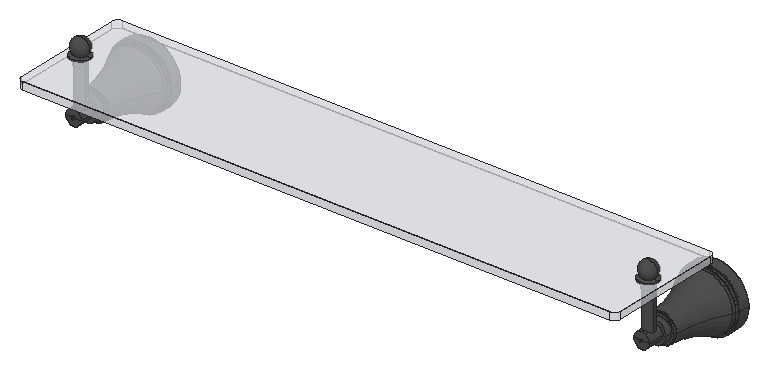
Revit family "Reece_Accessory_Kado_Era_Shower Shelf", category Plumbing Fixtures, host Face, Revit 2018
Family settings
  Host = Face
  Round Connector Dimension = Use Diameter
  Part Type = Normal
  Cut with Voids When Loaded = Yes
  Shared = Yes
  Room Calculation Point = Yes
Parameters (values of type "Matte Black")
  URL = "https://www.reece.com.au/product/-2263722"
  Type Comments = "Accessory"
  Reece_Product_Web Page = "https://www.reece.com.au/product/-2263722"
  Reece_Product_Type = "Accessory"  # constant formula
  Reece_Product_Sub Brand = "Era"  # constant formula
  Reece_Product_Number = "2263722"
  Reece_Product_Mount = "Wall Mounted"
  Reece_Product_Description = "Kado Era Shower Shelf Matte Black"
  Reece_Product_Brand = "Kado"  # constant formula
  Reece_Overall_Width = 506 mm  # constant formula
  Reece_Overall_Projection = 116 mm  # constant formula
  Reece_Overall_Height = 80 mm  # constant formula
  Reece_Material_Secondary = Reece_Safety Glass_Transparent
  Reece_Material_Main = Reece_Brass_Matte Black
  Reece_Height_From_Level [instance] = 1000 mm
  Reece_Fixing_Point_Width = 455 mm  # constant formula
  Reece_Detail_Installation = "Wall Mounted"  # constant formula
  Reece_Detail_Disclaimer = "THIS FILE IS THE PROPERTY OF THE REECE GROUP. IT MAY NOT BE REPRODUCED, REVERSE-ENGINEERED OR MODIFIED. ANY REPUBLICATION, TRANSMISSION OR DISTRIBUTION FOR THE PURPOSE OF COMMERCIALLY EXPLOITING THE FILES IS PROHIBITED."  # constant formula
  Reece_Detail_Additional = "Shower Shelf"  # constant formula
  Model = "Era"
  Manufacturer = "Kado"
  Keynote = "Product #2263722, Reece_Accessory_Kado_Era_Shower Shelf - Matte Black"
  Disclaimer = "THIS FILE IS THE PROPERTY OF THE REECE GROUP. IT MAY NOT BE REPRODUCED, REVERSE-ENGINEERED OR MODIFIED. ANY REPUBLICATION, TRANSMISSION OR DISTRIBUTION FOR THE PURPOSE OF COMMERCIALLY EXPLOITING THE FILES IS PROHIBITED."  # constant formula
  Description = "Kado Era Shower Shelf Matte Black"
  Default Elevation = 0 mm
Types (5, lengths in mm): name | URL | Reece_Product_Web Page | Reece_Product_Number | Reece_Product_Description | Reece_Material_Main | Keynote | Description
  (no name) | "https://www.reece.com.au/product/-9512117" | "https://www.reece.com.au/product/-9512117" | "9512117" | "Kado Era Shower Shelf Brushed Nickel" | Reece_Brass_Brushed Nickel | "Product #9512117, Reece_Accessory_Kado_Era_Shower Shelf -  " | "Kado Era Shower Shelf Brushed Nickel"
  Chrome | "https://www.reece.com.au/product/-9507738" | "https://www.reece.com.au/product/-9507738" | "9507738" | "Kado Era Shower Shelf Chrome" | Reece_Brass_Chrome | "Product #9507738, Reece_Accessory_Kado_Era_Shower Shelf - Chrome" | "Kado Era Shower Shelf Chrome"
  Matte Black | "https://www.reece.com.au/product/-2263722" | "https://www.reece.com.au/product/-2263722" | "2263722" | "Kado Era Shower Shelf Matte Black" | Reece_Brass_Matte Black | "Product #2263722, Reece_Accessory_Kado_Era_Shower Shelf - Matte Black" | "Kado Era Shower Shelf Matte Black"
  Brass Gold | "https://www.reece.com.au/product/-9507737" | "https://www.reece.com.au/product/-9507737" | "9507737" | "Kado Era Shower Shelf Brass Gold" | Reece_Brass_Gold | "Product #9507737, Reece_Accessory_Kado_Era_Shower Shelf - Brass Gold" | "Kado Era Shower Shelf Brass Gold"
  Brushed Nickel | "https://www.reece.com.au/product/-9512117" | "https://www.reece.com.au/product/-9512117" | "9512117" | "Kado Era Shower Shelf Brushed Nickel" | Reece_Brass_Brushed Nickel | "Product #9512117, Reece_Accessory_Kado_Era_Shower Shelf - Brushed Nickel" | "Kado Era Shower Shelf Brushed Nickel"
Reference planes
  plane 1 "Center (Front/Back)": y = 0
  plane 2 "Bottom Host Plane": z = -5
  plane 3 "Center (Left/Right)": x = 0
  plane 4 "Height From Floor": z = 1000
  plane 5 "Top": z = 1054.976
  plane 6: y = -116
  plane 7: x = -227.5
  plane 8: x = 227.5
  plane 9: z = 974.976
  plane 10: x = -239.981
  plane 11: x = 240.019
  plane 12: x = 253
  plane 13: x = -253
Forms (mm)
  Extrusion 1, solid, material "Reece_Safety Glass_Transparent" <- "Reece_Material_Secondary"
    sketch origin (0, 0, 1054.976) x (-1, 0, 0) y (0, -1, 0)
      loop
        line (239.981, 21) -> (239.981, 111)
        arc (239.981, 111) -> (238.517, 114.536) -> (234.981, 116) r 5
        line (234.981, 116) -> (-235.019, 116)
        arc (-235.019, 116) -> (-238.554, 114.536) -> (-240.019, 111) r 5
        line (-240.019, 111) -> (-240.019, 21)
        arc (-240.019, 21) -> (-238.554, 17.464) -> (-235.019, 16) r 5
        line (-235.019, 16) -> (234.981, 16)
        arc (234.981, 16) -> (238.517, 17.464) -> (239.981, 21) r 5
      loop
        circle (227.5, 68) r 5
      loop
        circle (-227.5, 68) r 5
    from -14 to -20
  Revolve 2, solid, material "Reece_Brass_Matte Black" <- "Reece_Material_Main"
    sketch origin (-365.759, -68, -563.994) x (1, 0, 0) y (0, 0, -1)
      loop
        line (138.259, -1618.97) -> (138.259, -1563.994) -> (133.794, -1563.994) -> (133.794, -1604.97) -> (130.299, -1604.97) -> (130.299, -1605.964) -> (133.374, -1606.971)
        arc (133.374, -1606.971) -> (131.807, -1614.602) -> (138.259, -1618.97) r 7.011
      axis (138.259, -1618.97) -> (138.259, -1563.994)
    angle from 0 to 360
  Revolve 3, solid, material "Reece_Brass_Matte Black" <- "Reece_Material_Main"
    sketch origin (-228.701, 0, 1000) x (-1, 0, 0) y (0, -1, 0)
      loop
        line (24.299, 0) -> (24.299, 8.5) -> (22.999, 8.5) -> (22.999, 10.5) -> (21.999, 10.5) -> (21.999, 12.8)
        arc (21.999, 12.8) -> (13.659, 33.023) -> (10.724, 54.7) r 85.493
        line (10.724, 54.7) -> (9.849, 54.7) -> (9.849, 56.2) -> (7.699, 56.2)
        arc (7.699, 56.2) -> (8.249, 58.925) -> (7.699, 61.65) r 7.026
        line (7.699, 61.65) -> (5.069, 61.65) -> (5.069, 74.85)
        arc (5.069, 74.85) -> (2.56, 75.169) -> (0.034, 75.275) r 30
        line (0.034, 75.275) -> (-1.201, 75.275) -> (-1.201, 0) -> (24.299, 0)
      axis (-1.201, 0) -> (-1.201, 75.275)
    angle from 0 to 360
  Revolve 4, solid, material "Reece_Brass_Matte Black" <- "Reece_Material_Main"
    sketch origin (228.701, 0, 1000) x (1, 0, 0) y (0, -1, 0)
      loop
        line (24.299, 0) -> (24.299, 8.5) -> (22.999, 8.5) -> (22.999, 10.5) -> (21.999, 10.5) -> (21.999, 12.8)
        arc (21.999, 12.8) -> (13.659, 33.023) -> (10.724, 54.7) r 85.493
        line (10.724, 54.7) -> (9.849, 54.7) -> (9.849, 56.2) -> (7.699, 56.2)
        arc (7.699, 56.2) -> (8.249, 58.925) -> (7.699, 61.65) r 7.026
        line (7.699, 61.65) -> (5.069, 61.65) -> (5.069, 74.85)
        arc (5.069, 74.85) -> (2.56, 75.169) -> (0.034, 75.275) r 30
        line (0.034, 75.275) -> (-1.201, 75.275) -> (-1.201, 0) -> (24.299, 0)
      axis (-1.201, 0) -> (-1.201, 75.275)
    angle from 0 to 360
  Revolve 5, solid, material "Reece_Brass_Matte Black" <- "Reece_Material_Main"
    sketch origin (365.759, -68, -563.994) x (-1, 0, 0) y (0, 0, 1)
      loop
        arc (138.259, 1618.97) -> (131.807, 1614.602) -> (133.374, 1606.971) r 7.011
        line (133.374, 1606.971) -> (130.299, 1605.964) -> (130.299, 1604.97) -> (133.794, 1604.97) -> (133.794, 1563.994) -> (138.259, 1563.994) -> (138.259, 1618.97)
      axis (138.259, 1618.97) -> (138.259, 1563.994)
    angle from 0 to 360
Cuts and joins
  joined: Revolve 2, Revolve 3, Revolve 4, Revolve 5
Lines and regions (mm)
  model lines, style "InvisibleLines"
    curve 1: line (0, 0, -5) -> (0, 0, 1000)
Text (mm)
  text "Reece ©" at (2668.853, -2395.367, 2952.593), in view "Reece Preview"
  text "Reece Copyright © 2018, Reece Ltd." at (-247.475, -190.626, 0), in view "Ref. Level"
Dimensions and locks
  plane 2 "Bottom Host Plane" to level = 5 mm
  locked: level to plane 2 "Bottom Host Plane" at 5
  "Reece_Height_From_Level": plane 4 "Height From Floor" to level
  "Reece_Overall_Projection": plane 6 to plane 1 "Center (Front/Back)"
  plane 5 "Top" to plane 4 "Height From Floor" = 54.976 mm
  "Reece_Fixing_Point_Width": plane 7 to plane 8
  "Reece_Overall_Height": plane 5 "Top" to plane 9
  equal spacing: plane 7, plane 3 "Center (Left/Right)", plane 8
  plane 10 to plane 11 = 480 mm
  "Reece_Overall_Width": plane 13 to plane 12
  aligned and locked: plane 2 "Bottom Host Plane" to curve 1
  aligned and locked: plane 4 "Height From Floor" to curve 1
  aligned and locked: Revolve 3 sketch curve to plane 7
  aligned and locked: plane 8 to Revolve 4 sketch curve
Automatic sketch dimensions
  curve 1 to plane 3 "Center (Left/Right)" = 0 mm
  plane 8 to Revolve 4 sketch curve = 25.5 mm
  Revolve 4 sketch curve to Revolve 4 sketch curve = 1.3 mm
  Revolve 4 sketch curve to Revolve 4 sketch curve = 1 mm
  Revolve 4 sketch curve to plane 6 = 61.3 mm
  plane 8 to Revolve 4 sketch curve = 11.925 mm
  Revolve 4 sketch curve to Revolve 4 sketch curve = 0.875 mm
  Revolve 4 sketch curve to Revolve 4 sketch curve = 2.15 mm  (x2)
  Revolve 4 sketch curve to Revolve 4 sketch curve = 2.63 mm
  Revolve 4 sketch curve to Revolve 4 sketch curve = 3.846 mm
  Revolve 4 sketch curve to Revolve 4 sketch curve = 7.664 mm
  Revolve 4 sketch curve to Revolve 4 sketch curve = 25.5 mm
  plane 11 to Revolve 4 sketch curve = 84.898 mm
  Revolve 4 sketch curve to plane 6 = 116 mm
  Revolve 4 sketch curve to Revolve 4 sketch curve = 8.5 mm
  Revolve 4 sketch curve to Revolve 4 sketch curve = 2 mm
  Revolve 4 sketch curve to Revolve 4 sketch curve = 2.3 mm
  Revolve 4 sketch curve to Revolve 4 sketch curve = 9.425 mm
  Revolve 4 sketch curve to Revolve 4 sketch curve = 1.5 mm
  Revolve 4 sketch curve to Revolve 4 sketch curve = 2.725 mm
  Revolve 4 sketch curve to Revolve 4 sketch curve = 13.2 mm
  plane 1 "Center (Front/Back)" to Revolve 4 sketch curve = 12.283 mm
  Revolve 4 sketch curve to plane 6 = 23.283 mm
  Revolve 2 sketch curve to plane 4 "Height From Floor" = 0 mm
  Revolve 2 sketch curve to plane 7 = 0 mm  (x2)
  Revolve 2 sketch curve to plane 5 "Top" = 0 mm
  Revolve 2 sketch curve to plane 7 = 4.464 mm
  Revolve 2 sketch curve to Revolve 2 sketch curve = 0.42 mm
  Revolve 2 sketch curve to Revolve 2 sketch curve = 3.496 mm
  plane 7 to Revolve 2 sketch curve = 0.043 mm
  plane 5 "Top" to Revolve 2 sketch curve = 7.011 mm
  Revolve 2 sketch curve to Revolve 2 sketch curve = 1.007 mm
  Revolve 2 sketch curve to Revolve 2 sketch curve = 2.001 mm
  Revolve 2 sketch curve to Revolve 2 sketch curve = 4.975 mm
  Revolve 2 sketch curve to Revolve 2 sketch curve = 6.331 mm
  Revolve 5 sketch curve to plane 4 "Height From Floor" = 0 mm
  plane 8 to Revolve 5 sketch curve = 0 mm  (x2)
  Revolve 5 sketch curve to plane 5 "Top" = 0 mm
  Revolve 5 sketch curve to plane 8 = 4.464 mm
  Revolve 5 sketch curve to Revolve 5 sketch curve = 0.42 mm
  Revolve 5 sketch curve to Revolve 5 sketch curve = 3.496 mm
  plane 8 to Revolve 5 sketch curve = 0.043 mm
  plane 5 "Top" to Revolve 5 sketch curve = 14 mm
  Revolve 5 sketch curve to Revolve 5 sketch curve = 0.994 mm
  Revolve 5 sketch curve to Revolve 5 sketch curve = 2.001 mm
  Revolve 5 sketch curve to Revolve 5 sketch curve = 5.629 mm
  Revolve 5 sketch curve to Revolve 5 sketch curve = 6.641 mm
  Extrusion 1 sketch curve to plane 11 = 0 mm
  plane 6 to Extrusion 1 sketch curve = 0 mm
  Extrusion 1 sketch curve to plane 8 = 0 mm
  Extrusion 1 sketch curve to plane 7 = 0 mm
  Extrusion 1 sketch curve to plane 10 = 0 mm
  plane 6 to Extrusion 1 sketch curve = 5 mm
  plane 11 to Extrusion 1 sketch curve = 5 mm
  plane 10 to Extrusion 1 sketch curve = 5 mm  (x2)
  Extrusion 1 sketch curve to Extrusion 1 sketch curve = 43 mm  (x2)
  plane 1 "Center (Front/Back)" to Extrusion 1 sketch curve = 21 mm
  plane 1 "Center (Front/Back)" to Revolve 3 sketch curve = 0 mm
  Revolve 3 sketch curve to plane 7 = 0 mm
  Revolve 3 sketch curve to plane 7 = 1.236 mm
  Revolve 3 sketch curve to plane 7 = 2.424 mm
  Revolve 3 sketch curve to Revolve 3 sketch curve = 5.034 mm
  Revolve 3 sketch curve to Revolve 3 sketch curve = 2.63 mm
  plane 10 to Revolve 3 sketch curve = 3.581 mm
  plane 10 to Revolve 3 sketch curve = 1.431 mm
  plane 10 to Revolve 3 sketch curve = 0.556 mm
  Revolve 3 sketch curve to plane 10 = 10.719 mm
  Revolve 3 sketch curve to Revolve 3 sketch curve = 1 mm
  Revolve 3 sketch curve to Revolve 3 sketch curve = 1.3 mm
  plane 1 "Center (Front/Back)" to Revolve 3 sketch curve = 55.238 mm
  Revolve 3 sketch curve to plane 10 = 84.935 mm
  plane 1 "Center (Front/Back)" to Revolve 3 sketch curve = 8.5 mm
  Revolve 3 sketch curve to Revolve 3 sketch curve = 2 mm
  Revolve 3 sketch curve to Revolve 3 sketch curve = 2.3 mm
  Revolve 3 sketch curve to Revolve 3 sketch curve = 9.425 mm
  Revolve 3 sketch curve to Revolve 3 sketch curve = 1.5 mm
  Revolve 3 sketch curve to Revolve 3 sketch curve = 2.725 mm
  Revolve 3 sketch curve to Revolve 3 sketch curve = 13.2 mm
  Revolve 3 sketch curve to Revolve 3 sketch curve = 12.283 mm
  Revolve 3 sketch curve to Revolve 3 sketch curve = 17.441 mm
  radius of Extrusion 1 sketch curve = 5 mm  (x2)
